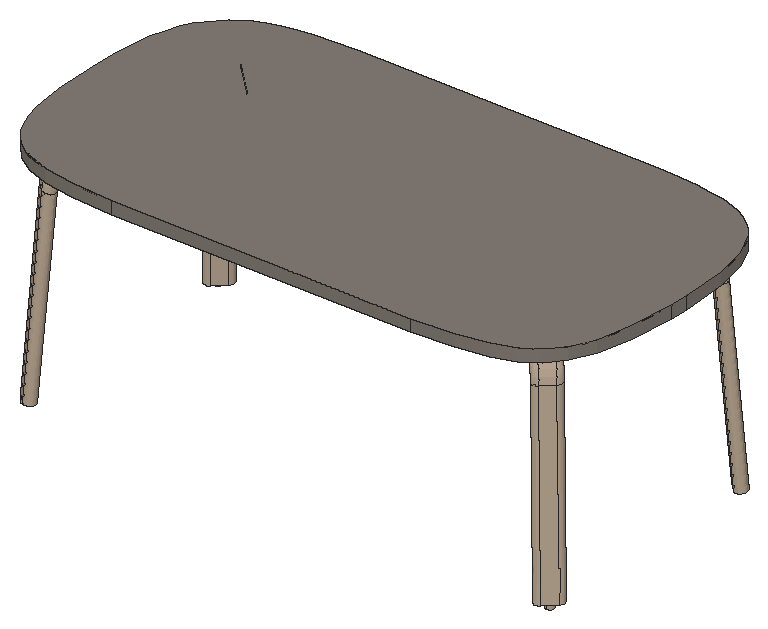
Revit family "Table-Coffee-Teknion-Zones_ZNTFC-Rectangular-R2015", category Furniture, Revit 2016
Family settings
  OmniClass Number = 23.40.70.14.64.21
  OmniClass Title = Systems Furniture
  Work Plane-Based = No
  Always vertical = Yes
  Cut with Voids When Loaded = No
  Shared = Yes
  Room Calculation Point = No
Parameters (values of type "48x25")
  Worksurface Finish [instance] = Veneer - Teknion - BR - Greystone Beech
  Width = 48"
  Warranty = "http://www.teknion.com/ca/papers/legal-canada"
  URL = "http://www.teknion.com"
  Sustainability Data = "http://www.teknion.com/ca/tools/assets#&asset=444deb64-fe58-4b68-981e-f75e97781df7,b4ff2d81-9f2e-437d-9659-7cffb09c31cf"
  Series = "Zones"
  Product Page URL = "http://www.teknion.com/products/product-details?productLineId=b28c7a6e-8e7a-673b-a6c8-ff64004460c4"
  Product Line = "Zones"
  Product Documentation Link = "http://www.teknion.com/pricing/Zones/pdfs/ZNTFC_ppg.pdf"
  Part Number = "ZNTFC"
  Model = "ZNTFC4825"
  Manufacturer Phone = "416-661-3370"
  Manufacturer Fax = "416.661.4586"
  Manufacturer Contact Information = "http://www.teknion.com/ca/contactus"
  Manufacturer Address = "1150 Flint Road, Toronto, ON. M3J 2J5. Canada"
  Manufacturer = "Teknion"  # constant formula
  Leg Wood Finish [instance] = Veneer - Teknion - BS - Natural Beech
  Leg Offset (Y Axis) [instance] = if([42x25 WS Visibility], 6", if([38x30 WS Visibility], 2 27/32", if([48x25 WS Visibility], 8 1/8", 8 1/8")))  # 8 1/8"
  Leg Offset = if([42x25 WS Visibility], 9 5/8", if([38x30 WS Visibility], 10 3/32", if([48x25 WS Visibility], 11 3/4", 11 3/4")))  # 11 3/4"
  Height = 36"
  Description = "Rectangular Coffee Table, 48\" Width, 25\" Depth"
  Depth = 25"
  Assembly Code = "E2020200"
  48x25 WS Visibility = if(and(Width = 48", Depth = 25"), 1 < 2, 1 > 2)  # yes
  42x25 WS Visibility = if(and(Width = 42", Depth = 25"), 1 < 2, 1 > 2)  # no
  38x30 WS Visibility = if(and(Width = 38", Depth = 30"), 1 < 2, 1 > 2)  # no
Types (3): name | Width | Model | Leg Offset (Y Axis) | Leg Offset | Description | Depth | 48x25 WS Visibility | 42x25 WS Visibility | 38x30 WS Visibility
  48x25 | 48" | "ZNTFC4825" | 8 1/8" | 11 3/4" | "Rectangular Coffee Table, 48\" Width, 25\" Depth" | 25" | yes | no | no
  42x25 | 42" | "ZNTFC4225" | 6" | 9 5/8" | "Rectangular Coffee Table, 42\" Width, 25\" Depth" | 25" | no | yes | no
  38x30 | 38" | "ZNTFC3830" | 2 27/32" | 10 3/32" | "Rectangular Coffee Table, 38\" Width, 30\" Depth" | 30" | no | no | yes
Reference planes (in)
  plane 1 "Center (Front/Back)": y = -0.28953
  plane 2 "Bottom": z = 0
  plane 3 "Center L/R": x = 1.03005
  plane 4 "Top": z = 19
  plane 5: z = 18.00129
  plane 6: through (-12.36069, 1.61072, 0) normal (-0.7071, -0.7071, 0)
  plane 7: z = 0.24465
  plane 8: through (-13.01359, 2.28383, 0) normal (0.7071, -0.7071, 0)
  plane 9 "Center Angled Plane": through (-0.45542, -1.77501, 0) normal (-0.7071, 0.7071, 0)
  plane 10: through (14.42079, 1.61072, 0) normal (-0.7071, 0.7071, 0)
  plane 11: through (15.0737, 2.28383, 0) normal (0.7071, 0.7071, 0)
  plane 12 "Center Angled Plane 2": through (2.51553, -1.77501, 0) normal (-0.7071, -0.7071, 0)
  plane 13: through (-12.36069, -2.18979, 0) normal (0.7071, -0.7071, 0)
  plane 14: through (-13.01359, -2.8629, 0) normal (-0.7071, -0.7071, 0)
  plane 15: through (14.42079, -2.18979, 0) normal (0.7071, 0.7071, 0)
  plane 16: through (15.0737, -2.8629, 0) normal (-0.7071, 0.7071, 0)
Forms (in)
  Sweep 1, solid, material "Veneer - Teknion - BS - Natural Beech" <- "Leg Wood Finish"
    path origin (-12.36069, 1.61072, 0) x (0.707107, -0.707107, 0) y (0, 0, 1)
      loop
        line (-11.30495, 0.28692) -> (-10.08309, 15.63337)
        arc (-10.08309, 15.63337) -> (-9.41872, 17.10901) -> (-7.96906, 17.8283) r 2.40198
        line (-7.96906, 17.8283) -> (-0.93764, 17.8283)
    profile origin (-19.9225, 9.17254, 7.96015) x (-0.704876, 0.704876, 0.079367) y (-0.707107, -0.707107, 0)
      loop
        arc (-0.7769, -0.5894) -> (-0.30283, -1.0641) -> (0.1725, -0.59065) r 0.4747
        line (0.1725, -0.59065) -> (0.1725, 0.5877)
        arc (0.1725, 0.5877) -> (-0.30157, 1.06366) -> (-0.7769, 0.58896) r 0.4747
        line (-0.7769, 0.58896) -> (-0.7769, -0.5894)
  Extrusion 2, solid, material "Veneer - Teknion - BS - Natural Beech" <- "Leg Wood Finish"
    sketch origin (0, -0.01563, 7.16145) x (0, 1, 0) y (-1, 0, 0)
      loop
        circle (9.5327, 20.29924) r 0.31703
    from -7.16145 to -6.9168
  Extrusion 3, solid, material "Veneer - Teknion - BR - Greystone Beech" <- "Worksurface Finish", visible <- "38x30 WS Visibility"
    sketch origin (0, 0, 7.16145) x (0, 1, 0) y (-1, 0, 0)
      loop
        spline (14.71047, 3.71995) -> (14.62892, 6.74814) -> (14.47805, 9.24799) -> (14.22494, 11.28729) -> (13.83664, 12.93381) -> (13.28024, 14.25535) -> (12.52278, 15.31966) -> (11.52194, 16.18113) -> (10.21006, 16.85817) -> (8.51531, 17.36317) -> (6.36582, 17.70853) -> (3.68974, 17.90666) -> (0.41523, 17.96995)
        arc (0.41523, 17.96995) -> (-0.28926, 17.97233) -> (-0.99375, 17.97049) r 117.74765
        spline (-0.99375, 17.97049) -> (-4.26875, 17.9072) -> (-6.94523, 17.70904) -> (-9.09504, 17.36362) -> (-10.79005, 16.85855) -> (-12.10212, 16.18141) -> (-13.10312, 15.31981) -> (-13.86069, 14.25534) -> (-14.41717, 12.9336) -> (-14.80553, 11.28683) -> (-15.05868, 9.24723) -> (-15.20957, 6.747) -> (-15.29113, 3.71836)
        line (-15.29113, 3.71836) -> (-15.29113, -5.77846)
        spline (-15.29113, -5.77846) -> (-15.20957, -8.80711) -> (-15.05868, -11.30733) -> (-14.80553, -13.34694) -> (-14.41717, -14.99371) -> (-13.86069, -16.31544) -> (-13.10312, -17.37991) -> (-12.10212, -18.24151) -> (-10.79005, -18.91865) -> (-9.09504, -19.42373) -> (-6.94523, -19.76915) -> (-4.26875, -19.9673) -> (-0.99375, -20.0306)
        arc (-0.99375, -20.0306) -> (-0.28926, -20.03243) -> (0.41523, -20.03005) r 117.74765
        spline (0.41523, -20.03005) -> (3.68974, -19.96677) -> (6.36582, -19.76864) -> (8.51531, -19.42328) -> (10.21006, -18.91828) -> (11.52194, -18.24124) -> (12.52278, -17.37976) -> (13.28024, -16.31546) -> (13.83664, -14.99392) -> (14.22494, -13.34739) -> (14.47805, -11.3081) -> (14.62892, -8.80824) -> (14.71047, -5.78005)
        line (14.71047, -5.78005) -> (14.71047, 3.71995)
    from 10.83934 to 11.83855
  Extrusion 4, solid, material "Veneer - Teknion - BR - Greystone Beech" <- "Worksurface Finish", visible <- "48x25 WS Visibility"
    sketch origin (0, 0, 0) x (1, 0, 0) y (0, 1, 0)
      loop
        spline (-11.21204, 12.21047) -> (-13.6762, 12.10685) -> (-15.64163, 11.89204) -> (-17.19552, 11.56646) -> (-18.42506, 11.13054) -> (-19.41744, 10.58469) -> (-20.25979, 9.92931) -> (-21.01284, 9.14336) -> (-21.66937, 8.1507) -> (-22.21135, 6.86644) -> (-22.62079, 5.2057) -> (-22.87965, 3.08359) -> (-22.96995, 0.41523)
        arc (-22.96995, 0.41523) -> (-22.97234, -0.33477) -> (-22.96995, -1.08477) r 117.74765
        spline (-22.96995, -1.08477) -> (-22.80919, -3.69118) -> (-22.5299, -5.78301) -> (-22.13388, -7.43605) -> (-21.62295, -8.72606) -> (-20.99892, -9.72884) -> (-20.2636, -10.52015) -> (-19.41093, -11.16851) -> (-18.38727, -11.69832) -> (-17.12112, -12.11746) -> (-15.54097, -12.4338) -> (-13.57532, -12.6552) -> (-11.15264, -12.78953)
        line (-11.15264, -12.78953) -> (13.21274, -12.78953)
        spline (13.21274, -12.78953) -> (15.63542, -12.6552) -> (17.60108, -12.4338) -> (19.18122, -12.11746) -> (20.44737, -11.69832) -> (21.47104, -11.16851) -> (22.3237, -10.52015) -> (23.05903, -9.72884) -> (23.68306, -8.72606) -> (24.19399, -7.43605) -> (24.59, -5.78301) -> (24.8693, -3.69118) -> (25.03005, -1.08477)
        arc (25.03005, -1.08477) -> (25.03244, -0.33477) -> (25.03005, 0.41523) r 117.74765
        spline (25.03005, 0.41523) -> (24.93976, 3.08359) -> (24.68089, 5.2057) -> (24.27146, 6.86644) -> (23.72947, 8.1507) -> (23.07295, 9.14336) -> (22.3199, 9.92931) -> (21.47755, 10.58469) -> (20.48516, 11.13054) -> (19.25562, 11.56646) -> (17.70173, 11.89204) -> (15.7363, 12.10685) -> (13.27214, 12.21047)
        line (13.27214, 12.21047) -> (-11.21204, 12.21047)
    from 18.00079 to 19
  Extrusion 5, solid, material "Veneer - Teknion - BR - Greystone Beech" <- "Worksurface Finish", visible <- "42x25 WS Visibility"
    sketch origin (0, 0, 0) x (1, 0, 0) y (0, 1, 0)
      loop
        spline (-8.21204, 12.21047) -> (-10.6762, 12.10685) -> (-12.64163, 11.89204) -> (-14.19552, 11.56646) -> (-15.42506, 11.13054) -> (-16.41744, 10.58469) -> (-17.25979, 9.92931) -> (-18.01284, 9.14336) -> (-18.66937, 8.1507) -> (-19.21135, 6.86644) -> (-19.62079, 5.2057) -> (-19.87965, 3.08359) -> (-19.96995, 0.41523)
        arc (-19.96995, 0.41523) -> (-19.97234, -0.33477) -> (-19.96995, -1.08477) r 117.74765
        spline (-19.96995, -1.08477) -> (-19.80919, -3.69118) -> (-19.5299, -5.78301) -> (-19.13388, -7.43605) -> (-18.62295, -8.72606) -> (-17.99892, -9.72884) -> (-17.2636, -10.52015) -> (-16.41093, -11.16851) -> (-15.38727, -11.69832) -> (-14.12112, -12.11746) -> (-12.54097, -12.4338) -> (-10.57532, -12.6552) -> (-8.15264, -12.78953)
        line (-8.15264, -12.78953) -> (10.21274, -12.78953)
        spline (10.21274, -12.78953) -> (12.63542, -12.6552) -> (14.60108, -12.4338) -> (16.18122, -12.11746) -> (17.44737, -11.69832) -> (18.47104, -11.16851) -> (19.3237, -10.52015) -> (20.05903, -9.72884) -> (20.68306, -8.72606) -> (21.19399, -7.43605) -> (21.59, -5.78301) -> (21.8693, -3.69118) -> (22.03005, -1.08477)
        arc (22.03005, -1.08477) -> (22.03244, -0.33477) -> (22.03005, 0.41523) r 117.74765
        spline (22.03005, 0.41523) -> (21.93976, 3.08359) -> (21.68089, 5.2057) -> (21.27146, 6.86644) -> (20.72947, 8.1507) -> (20.07295, 9.14336) -> (19.3199, 9.92931) -> (18.47755, 10.58469) -> (17.48516, 11.13054) -> (16.25562, 11.56646) -> (14.70173, 11.89204) -> (12.7363, 12.10685) -> (10.27214, 12.21047)
        line (10.27214, 12.21047) -> (-8.21204, 12.21047)
    from 18.00079 to 19
  Sweep 6, solid, material "Veneer - Teknion - BS - Natural Beech" <- "Leg Wood Finish"
    path origin (14.42079, 1.61072, 0) x (-0.707107, -0.707107, 0) y (0, 0, 1)
      loop
        line (-11.30495, 0.28692) -> (-10.08309, 15.63337)
        arc (-10.08309, 15.63337) -> (-9.41872, 17.10901) -> (-7.96906, 17.8283) r 2.40198
        line (-7.96906, 17.8283) -> (-0.93764, 17.8283)
    profile origin (21.98261, 9.17254, 7.96015) x (-0.704876, -0.704876, -0.079367) y (0.707107, -0.707107, 0)
      loop
        line (0.7769, -0.5894) -> (0.7769, 0.58896)
        arc (0.7769, 0.58896) -> (0.30157, 1.06366) -> (-0.1725, 0.5877) r 0.4747
        line (-0.1725, 0.5877) -> (-0.1725, -0.59065)
        arc (-0.1725, -0.59065) -> (0.30283, -1.0641) -> (0.7769, -0.5894) r 0.4747
  Sweep 7, solid, material "Veneer - Teknion - BS - Natural Beech" <- "Leg Wood Finish"
    path origin (-12.36069, -2.18979, 0) x (0.707107, 0.707107, 0) y (0, 0, 1)
      loop
        line (-11.30495, 0.28692) -> (-10.08309, 15.63337)
        arc (-10.08309, 15.63337) -> (-9.41872, 17.10901) -> (-7.96906, 17.8283) r 2.40198
        line (-7.96906, 17.8283) -> (-0.93764, 17.8283)
    profile origin (-19.9225, -9.7516, 7.96015) x (0.704876, 0.704876, -0.079367) y (-0.707107, 0.707107, 0)
      loop
        line (0.7769, -0.5894) -> (0.7769, 0.58896)
        arc (0.7769, 0.58896) -> (0.30157, 1.06366) -> (-0.1725, 0.5877) r 0.4747
        line (-0.1725, 0.5877) -> (-0.1725, -0.59065)
        arc (-0.1725, -0.59065) -> (0.30283, -1.0641) -> (0.7769, -0.5894) r 0.4747
  Extrusion 8, solid, material "Veneer - Teknion - BS - Natural Beech" <- "Leg Wood Finish"
    sketch origin (2.06011, -0.01563, 7.16145) x (0, 1, 0) y (-1, 0, 0)
      loop
        circle (9.5327, -20.29924) r 0.31703
    from -7.16145 to -6.9168
  Extrusion 9, solid, material "Veneer - Teknion - BS - Natural Beech" <- "Leg Wood Finish"
    sketch origin (0, -0.56344, 7.16145) x (0, -1, 0) y (1, 0, 0)
      loop
        circle (9.5327, -20.29924) r 0.31703
    from -7.16145 to -6.9168
  Sweep 10, solid, material "Veneer - Teknion - BS - Natural Beech" <- "Leg Wood Finish"
    path origin (14.42079, -2.18979, 0) x (-0.707107, 0.707107, 0) y (0, 0, 1)
      loop
        line (-11.30495, 0.28692) -> (-10.08309, 15.63337)
        arc (-10.08309, 15.63337) -> (-9.41872, 17.10901) -> (-7.96906, 17.8283) r 2.40198
        line (-7.96906, 17.8283) -> (-0.93764, 17.8283)
    profile origin (21.98261, -9.7516, 7.96015) x (0.704876, -0.704876, 0.079367) y (0.707107, 0.707107, 0)
      loop
        arc (-0.7769, -0.5894) -> (-0.30283, -1.0641) -> (0.1725, -0.59065) r 0.4747
        line (0.1725, -0.59065) -> (0.1725, 0.5877)
        arc (0.1725, 0.5877) -> (-0.30157, 1.06366) -> (-0.7769, 0.58896) r 0.4747
        line (-0.7769, 0.58896) -> (-0.7769, -0.5894)
  Extrusion 11, solid, material "Veneer - Teknion - BS - Natural Beech" <- "Leg Wood Finish"
    sketch origin (2.06011, -0.56344, 7.16145) x (0, -1, 0) y (1, 0, 0)
      loop
        circle (9.5327, 20.29924) r 0.31703
    from -7.16145 to -6.9168
Lines and regions (in)
  Masking region 1, visible <- "38x30 WS Visibility"
    outline origin (0, 0, 0) x (1, 0, 0) y (0, 1, 0)
      loop
        spline (-3.71995, 14.71047) -> (-6.74814, 14.62892) -> (-9.24799, 14.47805) -> (-11.28729, 14.22494) -> (-12.93381, 13.83664) -> (-14.25535, 13.28024) -> (-15.31966, 12.52278) -> (-16.18113, 11.52194) -> (-16.85817, 10.21006) -> (-17.36317, 8.51531) -> (-17.70853, 6.36582) -> (-17.90666, 3.68974) -> (-17.96995, 0.41523)
        arc (-17.96995, 0.41523) -> (-17.97233, -0.28926) -> (-17.97049, -0.99375) r 117.74765
        spline (-17.97049, -0.99375) -> (-17.9072, -4.26875) -> (-17.70904, -6.94523) -> (-17.36362, -9.09504) -> (-16.85855, -10.79005) -> (-16.18141, -12.10212) -> (-15.31981, -13.10312) -> (-14.25534, -13.86069) -> (-12.9336, -14.41717) -> (-11.28683, -14.80553) -> (-9.24723, -15.05868) -> (-6.747, -15.20957) -> (-3.71836, -15.29113)
        line (-3.71836, -15.29113) -> (5.77846, -15.29113)
        spline (5.77846, -15.29113) -> (8.80711, -15.20957) -> (11.30733, -15.05868) -> (13.34694, -14.80553) -> (14.99371, -14.41717) -> (16.31544, -13.86069) -> (17.37991, -13.10312) -> (18.24151, -12.10212) -> (18.91865, -10.79005) -> (19.42373, -9.09504) -> (19.76915, -6.94523) -> (19.9673, -4.26875) -> (20.0306, -0.99375)
        arc (20.0306, -0.99375) -> (20.03243, -0.28926) -> (20.03005, 0.41523) r 117.74765
        spline (20.03005, 0.41523) -> (19.96677, 3.68974) -> (19.76864, 6.36582) -> (19.42328, 8.51531) -> (18.91828, 10.21006) -> (18.24124, 11.52194) -> (17.37976, 12.52278) -> (16.31546, 13.28024) -> (14.99392, 13.83664) -> (13.34739, 14.22494) -> (11.3081, 14.47805) -> (8.80824, 14.62892) -> (5.78005, 14.71047)
        line (5.78005, 14.71047) -> (-3.71995, 14.71047)
  Masking region 2, visible <- "42x25 WS Visibility"
    outline origin (0, 0, 0) x (1, 0, 0) y (0, 1, 0)
      loop
        spline (-8.21204, 12.21047) -> (-10.6762, 12.10685) -> (-12.64163, 11.89204) -> (-14.19552, 11.56646) -> (-15.42506, 11.13054) -> (-16.41744, 10.58469) -> (-17.25979, 9.92931) -> (-18.01284, 9.14336) -> (-18.66937, 8.1507) -> (-19.21135, 6.86644) -> (-19.62079, 5.2057) -> (-19.87965, 3.08359) -> (-19.96995, 0.41523)
        arc (-19.96995, 0.41523) -> (-19.97234, -0.33477) -> (-19.96995, -1.08477) r 117.74765
        spline (-19.96995, -1.08477) -> (-19.80919, -3.69118) -> (-19.5299, -5.78301) -> (-19.13388, -7.43605) -> (-18.62295, -8.72606) -> (-17.99892, -9.72884) -> (-17.2636, -10.52015) -> (-16.41093, -11.16851) -> (-15.38727, -11.69832) -> (-14.12112, -12.11746) -> (-12.54097, -12.4338) -> (-10.57532, -12.6552) -> (-8.15264, -12.78953)
        line (-8.15264, -12.78953) -> (10.21274, -12.78953)
        spline (10.21274, -12.78953) -> (12.63542, -12.6552) -> (14.60108, -12.4338) -> (16.18122, -12.11746) -> (17.44737, -11.69832) -> (18.47104, -11.16851) -> (19.3237, -10.52015) -> (20.05903, -9.72884) -> (20.68306, -8.72606) -> (21.19399, -7.43605) -> (21.59, -5.78301) -> (21.8693, -3.69118) -> (22.03005, -1.08477)
        arc (22.03005, -1.08477) -> (22.03244, -0.33477) -> (22.03005, 0.41523) r 117.74765
        spline (22.03005, 0.41523) -> (21.93976, 3.08359) -> (21.68089, 5.2057) -> (21.27146, 6.86644) -> (20.72947, 8.1507) -> (20.07295, 9.14336) -> (19.3199, 9.92931) -> (18.47755, 10.58469) -> (17.48516, 11.13054) -> (16.25562, 11.56646) -> (14.70173, 11.89204) -> (12.7363, 12.10685) -> (10.27214, 12.21047)
        line (10.27214, 12.21047) -> (-8.21204, 12.21047)
  Masking region 3, visible <- "48x25 WS Visibility"
    outline origin (0, 0, 0) x (1, 0, 0) y (0, 1, 0)
      loop
        spline (-11.21204, 12.21047) -> (-13.6762, 12.10685) -> (-15.64163, 11.89204) -> (-17.19552, 11.56646) -> (-18.42506, 11.13054) -> (-19.41744, 10.58469) -> (-20.25979, 9.92931) -> (-21.01284, 9.14336) -> (-21.66937, 8.1507) -> (-22.21135, 6.86644) -> (-22.62079, 5.2057) -> (-22.87965, 3.08359) -> (-22.96995, 0.41523)
        arc (-22.96995, 0.41523) -> (-22.97234, -0.33477) -> (-22.96995, -1.08477) r 117.74765
        spline (-22.96995, -1.08477) -> (-22.80919, -3.69118) -> (-22.5299, -5.78301) -> (-22.13388, -7.43605) -> (-21.62295, -8.72606) -> (-20.99892, -9.72884) -> (-20.2636, -10.52015) -> (-19.41093, -11.16851) -> (-18.38727, -11.69832) -> (-17.12112, -12.11746) -> (-15.54097, -12.4338) -> (-13.57532, -12.6552) -> (-11.15264, -12.78953)
        line (-11.15264, -12.78953) -> (13.21274, -12.78953)
        spline (13.21274, -12.78953) -> (15.63542, -12.6552) -> (17.60108, -12.4338) -> (19.18122, -12.11746) -> (20.44737, -11.69832) -> (21.47104, -11.16851) -> (22.3237, -10.52015) -> (23.05903, -9.72884) -> (23.68306, -8.72606) -> (24.19399, -7.43605) -> (24.59, -5.78301) -> (24.8693, -3.69118) -> (25.03005, -1.08477)
        arc (25.03005, -1.08477) -> (25.03244, -0.33477) -> (25.03005, 0.41523) r 117.74765
        spline (25.03005, 0.41523) -> (24.93976, 3.08359) -> (24.68089, 5.2057) -> (24.27146, 6.86644) -> (23.72947, 8.1507) -> (23.07295, 9.14336) -> (22.3199, 9.92931) -> (21.47755, 10.58469) -> (20.48516, 11.13054) -> (19.25562, 11.56646) -> (17.70173, 11.89204) -> (15.7363, 12.10685) -> (13.27214, 12.21047)
        line (13.27214, 12.21047) -> (-11.21204, 12.21047)
  Masking region 4, detail levels medium+fine
    outline origin (2.06011, 0, 0) x (0, 1, 0) y (-1, 0, 0)
      loop
        line (1.52161, -13.77581) -> (8.63939, -20.8936)
        spline (8.63939, -20.8936) -> (8.68602, -20.93447) -> (8.73761, -20.96887) -> (8.79328, -20.99622) -> (8.85207, -21.01604) -> (8.91297, -21.028) -> (8.97494, -21.03189) -> (9.0369, -21.02764) -> (9.09781, -21.01533) -> (9.15661, -20.99516) -> (9.21229, -20.96749) -> (9.2639, -20.93279) -> (9.31055, -20.89165)
        line (9.31055, -20.89165) -> (10.14377, -20.05843)
        spline (10.14377, -20.05843) -> (10.18454, -20.01173) -> (10.21888, -19.96013) -> (10.24623, -19.90452) -> (10.26611, -19.84585) -> (10.27818, -19.78511) -> (10.28223, -19.72334) -> (10.27821, -19.66159) -> (10.26617, -19.60092) -> (10.24632, -19.54236) -> (10.219, -19.48691) -> (10.18468, -19.43551) -> (10.14394, -19.38905)
        line (10.14394, -19.38905) -> (3.02616, -12.27126) -> (1.52161, -13.77581)
  Masking region 5, detail levels medium+fine
    outline origin (0, 0, 0) x (1, 0, 0) y (0, 1, 0)
      loop
        spline (-20.89165, 9.31055) -> (-20.93279, 9.2639) -> (-20.96749, 9.21229) -> (-20.99516, 9.15661) -> (-21.01533, 9.09781) -> (-21.02764, 9.0369) -> (-21.03189, 8.97494) -> (-21.028, 8.91297) -> (-21.01604, 8.85207) -> (-20.99622, 8.79328) -> (-20.96887, 8.73761) -> (-20.93447, 8.68602) -> (-20.8936, 8.63939)
        line (-20.8936, 8.63939) -> (-13.77581, 1.52161) -> (-12.27126, 3.02616) -> (-19.38905, 10.14394)
        spline (-19.38905, 10.14394) -> (-19.43551, 10.18468) -> (-19.48691, 10.219) -> (-19.54236, 10.24632) -> (-19.60092, 10.26617) -> (-19.66159, 10.27821) -> (-19.72334, 10.28223) -> (-19.78511, 10.27818) -> (-19.84585, 10.26611) -> (-19.90452, 10.24623) -> (-19.96013, 10.21888) -> (-20.01173, 10.18454) -> (-20.05843, 10.14377)
        line (-20.05843, 10.14377) -> (-20.89165, 9.31055)
  Masking region 6, detail levels medium+fine
    outline origin (0, 0, 0) x (1, 0, 0) y (0, 1, 0)
      loop
        line (-12.27126, -3.60523) -> (-13.77581, -2.10068) -> (-20.8936, -9.21846)
        spline (-20.8936, -9.21846) -> (-20.93447, -9.26509) -> (-20.96887, -9.31668) -> (-20.99622, -9.37235) -> (-21.01604, -9.43114) -> (-21.028, -9.49204) -> (-21.03189, -9.554) -> (-21.02764, -9.61597) -> (-21.01533, -9.67688) -> (-20.99516, -9.73567) -> (-20.96749, -9.79136) -> (-20.93279, -9.84296) -> (-20.89165, -9.88961)
        line (-20.89165, -9.88961) -> (-20.05843, -10.72284)
        spline (-20.05843, -10.72284) -> (-20.01173, -10.7636) -> (-19.96013, -10.79795) -> (-19.90452, -10.82529) -> (-19.84585, -10.84517) -> (-19.78511, -10.85724) -> (-19.72334, -10.8613) -> (-19.66159, -10.85727) -> (-19.60092, -10.84524) -> (-19.54236, -10.82539) -> (-19.48691, -10.79807) -> (-19.43551, -10.76375) -> (-19.38905, -10.72301)
        line (-19.38905, -10.72301) -> (-12.27126, -3.60523)
  Masking region 7, detail levels medium+fine
    outline origin (0, 0, 0) x (1, 0, 0) y (0, 1, 0)
      loop
        line (22.11853, -10.72284) -> (22.95176, -9.88961)
        spline (22.95176, -9.88961) -> (22.99289, -9.84296) -> (23.0276, -9.79136) -> (23.05527, -9.73567) -> (23.07543, -9.67688) -> (23.08774, -9.61597) -> (23.09199, -9.554) -> (23.0881, -9.49204) -> (23.07614, -9.43114) -> (23.05632, -9.37235) -> (23.02897, -9.31668) -> (22.99457, -9.26509) -> (22.95371, -9.21846)
        line (22.95371, -9.21846) -> (15.83592, -2.10068) -> (14.33137, -3.60523) -> (21.44916, -10.72301)
        spline (21.44916, -10.72301) -> (21.49562, -10.76375) -> (21.54701, -10.79807) -> (21.60246, -10.82539) -> (21.66102, -10.84524) -> (21.7217, -10.85727) -> (21.78344, -10.8613) -> (21.84521, -10.85724) -> (21.90595, -10.84517) -> (21.96463, -10.82529) -> (22.02024, -10.79795) -> (22.07183, -10.7636) -> (22.11853, -10.72284)
  symbolic lines, style "FurnitureHiddenLines", detail levels fine
    curve 1: arc (-20.29924, 9.20004, 7.16145) -> (-19.98221, 9.51708, 7.16145) -> (-20.29924, 9.83411, 7.16145) r 0.31703
    curve 2: arc (-20.29924, 9.83411, 7.16145) -> (-20.61628, 9.51708, 7.16145) -> (-20.29924, 9.20004, 7.16145) r 0.31703
    curve 7: arc (-20.29924, -9.77911, 0) -> (-20.61628, -10.09614, 0) -> (-20.29924, -10.41317, 0) r 0.31703
    curve 8: arc (-20.29924, -10.41317, 0) -> (-19.98221, -10.09614, 0) -> (-20.29924, -9.77911, 0) r 0.31703
    curve 9: arc (22.35935, -10.41317, 0) -> (22.67638, -10.09614, 0) -> (22.35935, -9.77911, 0) r 0.31703
    curve 10: arc (22.35935, -9.77911, 0) -> (22.04232, -10.09614, 0) -> (22.35935, -10.41317, 0) r 0.31703
    curve 11: arc (22.35935, 9.20004, 0) -> (22.67638, 9.51708, 0) -> (22.35935, 9.83411, 0) r 0.31703
    curve 12: arc (22.35935, 9.83411, 0) -> (22.04232, 9.51708, 0) -> (22.35935, 9.20004, 0) r 0.31703
  reference lines
    curve 3: line (25.03005, 12.21047, 0) -> (-22.96995, 12.21047, 0)
    curve 4: line (25.03005, -12.78953, 0) -> (-22.96995, -12.78953, 0)
    curve 5: line (-22.96995, -12.78953, 0) -> (-22.96995, 12.21047, 0)
    curve 6: line (25.03005, -12.78953, 0) -> (25.03005, 12.21047, 0)
Dimensions and locks (in)
  locked: plane 4 "Top" to plane 2 "Bottom" at 19
  locked: plane 4 "Top" to plane 5 at 0.99871
  locked: plane 7 to plane 2 "Bottom" at 0.24465
  Sweep 1 sketch curve to Sweep 1 sketch curve to Sweep 1 sketch curve to Sweep 1 sketch curve to plane 8 = 3.3359" locked, 0.28037" locked, 6.75105" locked, 0" locked
  equal spacing: curve 5, plane 3 "Center L/R", curve 6
  "Width": curve 5 to curve 6
  equal spacing: curve 3, plane 1 "Center (Front/Back)", curve 4
  "Depth": curve 3 to curve 4
  "Leg Offset": plane 8 to plane 9 "Center Angled Plane"
  Sweep 6 sketch curve to Sweep 6 sketch curve to Sweep 6 sketch curve to Sweep 6 sketch curve to plane 11 = 3.3359" locked, 0.28037" locked, 6.75105" locked, 0" locked
  "Leg Offset": plane 12 "Center Angled Plane 2" to plane 11
  Sweep 7 sketch curve to Sweep 7 sketch curve to Sweep 7 sketch curve to Sweep 7 sketch curve to plane 14 = 3.3359" locked, 0.28037" locked, 6.75105" locked, 0" locked
  "Leg Offset": plane 14 to plane 12 "Center Angled Plane 2"
  Sweep 6 to Masking region 4 sketch curve to Masking region 4 sketch curve to Masking region 4 sketch curve = 0.4732" locked, 0" locked, 0.4732" locked
  Masking region 4 sketch curve to plane 10 to Masking region 4 sketch curve = 1.06366" locked, 1.0641" locked
  Sweep 10 sketch curve to Sweep 10 sketch curve to Sweep 10 sketch curve to Sweep 10 sketch curve to plane 16 = 3.3359" locked, 0.28037" locked, 6.75105" locked, 0" locked
  "Leg Offset": plane 9 "Center Angled Plane" to plane 16
  Masking region 5 sketch curve to Masking region 5 sketch curve to Masking region 5 sketch curve to Sweep 1 = 0.4732" locked, 0" locked, 0.4732" locked
  Masking region 5 sketch curve to plane 6 to Masking region 5 sketch curve = 1.06366" locked, 1.0641" locked
  Masking region 6 sketch curve to plane 13 to Masking region 6 sketch curve = 1.06366" locked, 1.0641" locked
  Sweep 7 to Masking region 6 sketch curve to Masking region 6 sketch curve to Masking region 6 sketch curve = 0.4732" locked, 0" locked, 0.4732" locked
  Masking region 7 sketch curve to Masking region 7 sketch curve to Masking region 7 sketch curve to Sweep 10 = 0.4732" locked, 0" locked, 0.4732" locked
  Masking region 7 sketch curve to plane 15 to Masking region 7 sketch curve = 1.06366" locked, 1.0641" locked
  Extrusion 5 sketch curve to plane 1 "Center (Front/Back)" to Extrusion 5 sketch curve = 12 1/2" locked, 12 1/2" locked
  locked: plane 3 "Center L/R" to Extrusion 5 sketch curve at 96.74526
  locked: Extrusion 5 sketch curve to plane 1 "Center (Front/Back)" at 0.04524  (x2)
  locked: Extrusion 5 sketch curve to plane 3 "Center L/R" at 96.74526
  locked: Extrusion 5 sketch curve to plane 12 "Center Angled Plane 2" at 15.34302
  locked: plane 12 "Center Angled Plane 2" to Extrusion 5 sketch curve at 15.34302
  locked: plane 9 "Center Angled Plane" to Extrusion 5 sketch curve at 15.37031
  Extrusion 5 sketch curve to plane 12 "Center Angled Plane 2" = 15.34302"
  locked: Extrusion 3 sketch curve to plane 12 "Center Angled Plane 2" at 13.95386  (x2)
  locked: plane 12 "Center Angled Plane 2" to Extrusion 3 sketch curve at 13.95386  (x2)
  locked: plane 3 "Center L/R" to Extrusion 3 sketch curve at 98.74526
  locked: Extrusion 3 sketch curve to plane 1 "Center (Front/Back)" at 0.04524  (x2)
  locked: Extrusion 3 sketch curve to plane 3 "Center L/R" at 98.74526
  Extrusion 3 sketch curve to plane 1 "Center (Front/Back)" to Extrusion 3 sketch curve = 15.00159" locked, 15" locked
  locked: Extrusion 4 sketch curve to plane 12 "Center Angled Plane 2" at 17.49499
  locked: plane 12 "Center Angled Plane 2" to Extrusion 4 sketch curve at 17.49499
  locked: plane 12 "Center Angled Plane 2" to Extrusion 4 sketch curve at 17.45417
  locked: Extrusion 4 sketch curve to plane 12 "Center Angled Plane 2" at 17.45417
  locked: plane 3 "Center L/R" to Extrusion 4 sketch curve at 93.74526
  locked: Extrusion 4 sketch curve to plane 1 "Center (Front/Back)" at 0.04524  (x2)
  Extrusion 5 to plane 1 "Center (Front/Back)" to Extrusion 5 = 12 1/2" locked, 12 1/2" locked
  locked: Extrusion 4 sketch curve to plane 3 "Center L/R" at 93.74526
  locked: Extrusion 2 sketch curve to Sweep 1 at 0.67354
  locked: Extrusion 2 sketch curve to plane 6 at 0.02277
  locked: Extrusion 9 sketch curve to plane 13 at 0.02277
  locked: Extrusion 9 sketch curve to Sweep 7 at 0.67354
  locked: Extrusion 11 sketch curve to plane 15 at 0.02277
  locked: Extrusion 11 sketch curve to Sweep 10 at 0.67354
  locked: Extrusion 8 sketch curve to plane 10 at 0.02277
  locked: Extrusion 8 sketch curve to Sweep 6 at 0.67354
  "Leg Offset (Y Axis)": plane 6 to plane 12 "Center Angled Plane 2"
  "Leg Offset (Y Axis)": plane 9 "Center Angled Plane" to plane 10
  "Leg Offset (Y Axis)": plane 15 to plane 12 "Center Angled Plane 2"
  "Leg Offset (Y Axis)": plane 13 to plane 9 "Center Angled Plane"
  aligned and locked: level to plane 2 "Bottom"
  aligned and locked: curve 1 to Extrusion 2
  aligned and locked: curve 2 to Extrusion 2
  aligned and locked: Extrusion 2 to plane 7
  aligned and locked: Extrusion 2 to plane 2 "Bottom"
  aligned and locked: Masking region 1 sketch curve to Extrusion 3  (x4)
  aligned and locked: Masking region 2 sketch curve to Extrusion 5  (x4)
  aligned and locked: Masking region 3 sketch curve to Extrusion 4  (x4)
  aligned and locked: Masking region 4 sketch curve to Sweep 6
  aligned and locked: Masking region 5 sketch curve to Sweep 1
  aligned and locked: plane 14 to Masking region 6 sketch curve
  aligned and locked: Masking region 7 sketch curve to plane 16
  aligned and locked: curve 7 to Extrusion 9
  aligned and locked: curve 8 to Extrusion 9
  aligned and locked: curve 9 to Extrusion 11
  aligned and locked: curve 10 to Extrusion 11
  aligned and locked: curve 11 to Extrusion 8
  aligned and locked: curve 12 to Extrusion 8
Automatic sketch dimensions
  plane 5 to Sweep 1 sketch curve = 2.36792"
  Sweep 1 sketch curve to Sweep 1 sketch curve = 2.3944"
  Sweep 1 sketch curve to Sweep 1 sketch curve = 0.19064"
  Sweep 1 sketch curve to plane 7 = 0.04228"
  profile plane to Sweep 1 sketch curve = 0.7769"
  profile plane to Sweep 1 sketch curve = 0.3022"  (x2)
  Sweep 1 sketch curve to profile plane = 0.1725"
  Sweep 1 sketch curve to plane 6 = 0.59065"
  plane 6 to Sweep 1 sketch curve = 0.5877"
  plane 3 "Center L/R" to Extrusion 3 sketch curve = 4.74841"
  plane 1 "Center (Front/Back)" to Extrusion 3 sketch curve = 0.70422"  (x2)
  Extrusion 3 sketch curve to plane 1 "Center (Front/Back)" = 0.70476"  (x2)
  Extrusion 3 sketch curve to plane 3 "Center L/R" = 4.74841"
  Extrusion 4 sketch curve to plane 1 "Center (Front/Back)" = 0.70476"  (x2)
  Extrusion 4 sketch curve to Extrusion 4 sketch curve = 0"
  Extrusion 4 sketch curve to plane 3 "Center L/R" = 12.24209"
  Extrusion 4 sketch curve to plane 3 "Center L/R" = 12.18269"
  plane 3 "Center L/R" to Extrusion 4 sketch curve = 12.18269"
  plane 1 "Center (Front/Back)" to Extrusion 4 sketch curve = 0.79524"
  Extrusion 4 sketch curve to Extrusion 4 sketch curve = 11.81731"
  Extrusion 5 sketch curve to plane 1 "Center (Front/Back)" = 0.70476"  (x2)
  Extrusion 5 sketch curve to Extrusion 5 sketch curve = 0"
  Extrusion 5 sketch curve to plane 3 "Center L/R" = 9.24209"
  Extrusion 5 sketch curve to plane 3 "Center L/R" = 9.18269"
  plane 3 "Center L/R" to Extrusion 5 sketch curve = 9.18269"
  plane 1 "Center (Front/Back)" to Extrusion 5 sketch curve = 0.79524"
  Sweep 6 sketch curve to plane 5 = 2.36792"
  Sweep 6 sketch curve to Sweep 6 sketch curve = 2.3944"
  Sweep 6 sketch curve to Sweep 6 sketch curve = 0.19064"
  plane 7 to Sweep 6 sketch curve = 0.04228"
  profile plane to Sweep 6 sketch curve = 0.1725"
  Sweep 6 sketch curve to profile plane = 0.3022"  (x2)
  Sweep 6 sketch curve to Sweep 6 sketch curve = 0.4747"
  Sweep 6 sketch curve to plane 10 = 0.59065"
  plane 10 to Sweep 6 sketch curve = 0.5877"
  Sweep 7 sketch curve to plane 5 = 2.36792"
  Sweep 7 sketch curve to Sweep 7 sketch curve = 2.3944"
  Sweep 7 sketch curve to Sweep 7 sketch curve = 0.19064"
  plane 7 to Sweep 7 sketch curve = 0.04228"
  profile plane to Sweep 7 sketch curve = 0.1725"
  Sweep 7 sketch curve to profile plane = 0.3022"  (x2)
  Sweep 7 sketch curve to Sweep 7 sketch curve = 0.4747"
  Sweep 7 sketch curve to plane 13 = 0.59065"
  plane 13 to Sweep 7 sketch curve = 0.5877"
  plane 1 "Center (Front/Back)" to Masking region 1 sketch curve = 0.70422"  (x2)
  Masking region 1 sketch curve to plane 1 "Center (Front/Back)" = 0.70476"  (x2)
  Masking region 1 sketch curve to plane 3 "Center L/R" = 4 3/4"
  Masking region 1 sketch curve to plane 3 "Center L/R" = 4.74841"
  plane 3 "Center L/R" to Masking region 1 sketch curve = 4.74841"
  plane 3 "Center L/R" to Masking region 1 sketch curve = 4 3/4"
  Masking region 2 sketch curve to plane 1 "Center (Front/Back)" = 0.70476"  (x2)
  plane 1 "Center (Front/Back)" to Masking region 2 sketch curve = 0.79524"  (x2)
  Masking region 2 sketch curve to plane 3 "Center L/R" = 9.24209"
  Masking region 2 sketch curve to plane 3 "Center L/R" = 9.18269"
  plane 3 "Center L/R" to Masking region 2 sketch curve = 9.18269"
  plane 3 "Center L/R" to Masking region 2 sketch curve = 9.24209"
  Masking region 3 sketch curve to plane 1 "Center (Front/Back)" = 0.70476"  (x2)
  plane 1 "Center (Front/Back)" to Masking region 3 sketch curve = 0.79524"  (x2)
  Masking region 3 sketch curve to plane 3 "Center L/R" = 12.24209"
  Masking region 3 sketch curve to plane 3 "Center L/R" = 12.18269"
  plane 3 "Center L/R" to Masking region 3 sketch curve = 12.18269"
  plane 3 "Center L/R" to Masking region 3 sketch curve = 12.24209"
  Masking region 4 sketch curve to Masking region 4 sketch curve = 0.67115"
  Masking region 4 sketch curve to Masking region 4 sketch curve = 0.00017"
  Masking region 4 sketch curve to Masking region 4 sketch curve = 0.66938"
  Masking region 4 sketch curve to Masking region 4 sketch curve = 0.33549"  (x2)
  plane 5 to Sweep 10 sketch curve = 2.36792"
  Sweep 10 sketch curve to Sweep 10 sketch curve = 2.3944"
  Sweep 10 sketch curve to Sweep 10 sketch curve = 0.19064"
  Sweep 10 sketch curve to plane 7 = 0.04228"
  profile plane to Sweep 10 sketch curve = 0.7769"
  profile plane to Sweep 10 sketch curve = 0.3022"  (x2)
  Sweep 10 sketch curve to profile plane = 0.1725"
  Sweep 10 sketch curve to plane 15 = 0.59065"
  plane 15 to Sweep 10 sketch curve = 0.5877"
  Masking region 5 sketch curve to Masking region 5 sketch curve = 0.00195"
  Masking region 5 sketch curve to Masking region 5 sketch curve = 0.33372"  (x2)
  Masking region 5 sketch curve to Masking region 5 sketch curve = 0.33566"
  Masking region 5 sketch curve to Masking region 5 sketch curve = 0.33549"
  Masking region 6 sketch curve to Masking region 6 sketch curve = 0.00195"
  Masking region 6 sketch curve to Masking region 6 sketch curve = 0.33372"  (x2)
  Masking region 6 sketch curve to Masking region 6 sketch curve = 0.33566"
  Masking region 6 sketch curve to Masking region 6 sketch curve = 0.00017"
  Masking region 7 sketch curve to Masking region 7 sketch curve = 0.33372"
  Masking region 7 sketch curve to Masking region 7 sketch curve = 0.83322"
  Masking region 7 sketch curve to Masking region 7 sketch curve = 0.33566"  (x2)
  Masking region 7 sketch curve to Masking region 7 sketch curve = 0.33549"
  radius of Extrusion 2 sketch curve = 0.31703"
  radius of Extrusion 8 sketch curve = 0.31703"
  radius of Extrusion 9 sketch curve = 0.31703"
  radius of Extrusion 11 sketch curve = 0.31703"
